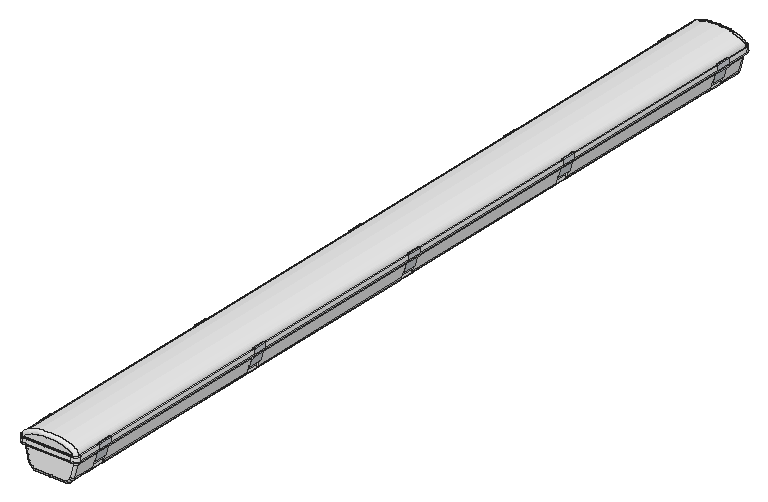
Revit family "0048809 Sylvania Lighting Fixture HYDROPROOF LED G3 1500MM T 4K D E3 MW", category Lighting Fixtures, host Face, Revit 2016
Family settings
  Host = Face
  Part Type = Normal
  Round Connector Dimension = Use Diameter
  OmniClass Number = 23.80.70.11.14
  OmniClass Title = General Luminaries, Directional
  Cut with Voids When Loaded = No
  Light Source = Yes
  Shared = No
  Room Calculation Point = No
Parameters (values of type "0048809 HYDROPROOF LED G3 1500MM T 4K D E3 MW")
  Width = 110 mm
  Weight = "3.05 kg"
  Wattage Comments = "n/a"
  Wattage = 50 W
  WarrantyStartDate [instance] = "n/a"
  WarrantyGuarantorParts = "n/a"
  WarrantyDurationUnit = "n/a"
  WarrantyDurationParts = "n/a"
  WarrantyDescription = "n/a"
  built-in parameter 1150110 = 1 (stored number, unit not read)
  Voltage = 230 V
  URL = "http://www.sylvania-lighting.com"
  TypeName = "HYDROPROOF LED G3 1500MM T 4K D E3 MW"
  Type Image = <None>
  Type Comments = "n/a"
  built-in parameter 1114217 = 1 (stored number, unit not read)
  Tilt Angle = -90.00°
  built-in parameter 1150109 = 1 (stored number, unit not read)
  built-in parameter 1150134 = 12
  built-in parameter 1150113 = 1 (stored number, unit not read)
  SerialNumber [instance] = "n/a"
  ReflectorMaterial = none
  PowerFactor = 0
  PowerConsumption = "50 W"
  Photometric Web File = "0048809.ies"
  NominalWidth = 0 mm
  NominalLength = 1578 mm
  NominalHeight = 78 mm
  Name = "HYDROPROOF LED G3 1500MM T 4K D E3 MW"
  ModelReference = "HYDROPROOF LED G3 1500MM T 4K D E3 MW"
  ModelNumber = "0048809"
  Model = "HYDROPROOF LED G3 1500MM T 4K D E3 MW"
  Material = "grp housing, pmma diffuser"
  ManufacturerName = "Feilo Sylvania"
  Manufacturer = "Feilo Sylvania"
  LuminousEfficacy = "135 lm/W"
  built-in parameter 1150105 = 537.15 (stored number, unit not read)
  Lumens = 6750 lm
  LuminaireType = ""
  built-in parameter 1150115 = 1 (stored number, unit not read)
  LightOutputRatio = "n/a"
  built-in parameter 1150137 = (empty or 0)
  built-in parameter 1150139 = (empty or 0)
  Length = 1572 mm
  LampsType = Lamp  # "LED"
  LampNominalLuminous = "6850 lm"
  LampMacAdamStep = "3"
  LampColourTemperature = "4000 K"
  LampColourRenderingIndex = "80"
  built-in parameter 1150112 = 1 (stored number, unit not read)
  built-in parameter 1150114 = 1 (stored number, unit not read)
  Lamp = "LED"
  Keynote = "16500"
  InstallationDate [instance] = "n/a"
  InputVoltage = "220-240V~"
  InputNominalFrequency = "50/60 Hz"
  built-in parameter 1150132 = (empty or 0)
  built-in parameter 1150102 = (empty or 0)
  built-in parameter 1150107 = 4000 (stored number, unit not read)
  built-in parameter 1150138 = (empty or 0)
  IngressProtection = "IP65"
  ImpactProtectionIndex = "IK02"
  built-in parameter 1150106 = 5.3715 (stored number, unit not read)
  IfcExportType = "IfcLightFixtureType"
  IfcExportAs = "IfcLightFixtureType"
  ExpectedLife = 50000
  Emit from Rectangle Width = Width - 20 mm  # 90 mm
  Emit from Rectangle Length = Length - 20 mm  # 1552 mm
  Emit Shape Visible in Rendering = no
  ElectricShockClassification = "Class I"
  built-in parameter 1150104 = 12.542 (stored number, unit not read)
  DurationUnit = "hours"
  DocumentationLiterature = "http://www.sylvania-lighting.com/product/en-int/products/0048809"
  DimmingControlOptions = "Dimmable"
  Dimming Lamp Color Temperature Shift = <None>
  DiffuserMaterial = Diffuser-Sylvania-Transparent
  Description = "Hydroproof, integrated LED chemical resistant weatherproof luminaire, with UV stabilized flat diffuser and linear prisms designed to achieve uniform lit appearance, optimise light output and to reduce glare, stainless steel diffuser clips and fixing brackets for surface and wall mounting. L 1578 mm x W 110 mm x H 78 mm size, GRP housing, PMMA diffuser, DALI dimmable, with MW sensor, 3 hour emergency, 4000K, CRI80,  6850 lm, 50 W, 135 lm/W, nominal average life (h):50000, energy class: A++ A+ A Class I,IK02, IP65."
  Default Elevation = 1219.2 mm
  CreatedOn = "3/27/2018"
  CreatedBy = "aron.fodor@feilosylvania.com"
  Cost = 0
  Color Filter = 16777215
  built-in parameter 1114216 [instance] = (empty or 0)
  ClassificationValue = "EF_70_80"
  ClassificationName = "Uniclass2015"
  BodyMaterial = Body-Sylvania-Gray
  BarCode [instance] = "n/a"
  built-in parameter 1114218 = 1 (stored number, unit not read)
  built-in parameter 1150133 = 10 (stored number, unit not read)
  AssetType = "Fixed"
  AssetIdentifier [instance] = "n/a"
  Assembly Code = "D5020200"
  Apparent Load = 50 VA
  AccessoryMaterial = Diffuser-Sylvania-Glow
Types (2, lengths in mm): name | Wattage | PowerConsumption | Photometric Web File | built-in parameter 1150105 | Lumens | LampNominalLuminous | built-in parameter 1150106 | Apparent Load
  0048809 HYDROPROOF LED G3 1500MM T 4K D E3 MW | 50 W | "50 W" | "0048809.ies" | 537.15 (stored number, unit not read) | 6750 lm | "6850 lm" | 5.3715 (stored number, unit not read) | 50 VA
  0048809 HYDROPROOF LED G3 1500MM T 4K D E3 MW Emergency mode | 1.7037 W | "1.70 W" | "0048809EM.ies" | 18.303 (stored number, unit not read) | 230 lm | "230 lm" | 0.18303 (stored number, unit not read) | 1.7037 VA
Reference planes
  plane 1 "Center (Front/Back)": y = 0
  plane 2: z = 0
  plane 3 "Center (Left/Right)": x = 0
  plane 4: z = 54
  plane 5: x = -27.7
  plane 6: x = -34.8
  plane 7: x = -39.6
  plane 8: x = -42.2
  plane 9: z = 3
  plane 10: z = 7.8
  plane 11: z = 12.3
  plane 12: z = 36.6
  plane 13: z = 42.8
  plane 14: x = -51.1
  plane 15: z = 46.2
  plane 16: x = -55
  plane 17: y = 786
  plane 18: y = -786
  plane 19: x = 27.7
  plane 20: x = 34.8
  plane 21: x = 39.6
  plane 22: x = 42.2
  plane 23: x = 51.1
  plane 24: x = 55
  plane 25: y = 778.4
  plane 26: y = -778.4
  plane 27: y = -774.7
  plane 28: y = 774.7
  plane 29: z = 74
  plane 30: x = -51.5
  plane 31: x = 51.5
  plane 32: z = 55.2
  plane 33: y = -782.5
  plane 34: y = 782.5
  plane 35: x = -37.5
  plane 36: x = 37.5
  plane 37: x = -48.7
  plane 38: x = 48.7
  plane 39: x = 18
  plane 40: x = -18
  plane 41: z = 50.2
  plane 42: z = 24.6
  plane 43: y = 720
  plane 44: y = 706
  plane 45: y = 734
  plane 46: y = -720
  plane 47: y = 720
  plane 48: y = 706
  plane 49: y = 734
  plane 50: y = -720
  plane 51: y = -734
  plane 52: y = -706
  plane 53: y = 360
  plane 54: y = 346
  plane 55: y = 374
  plane 56: y = 0
  plane 57: y = -14
  plane 58: y = 14
  plane 59: y = -360
  plane 60: y = -374
  plane 61: y = -346
Forms (mm)
  Sweep 1, solid, material "Body-Sylvania-Gray" <- "BodyMaterial", detail levels medium+fine
    path origin (1223.4, -4572, 54) x (0, -1, 0) y (1, 0, 0)
      loop
        arc (-3796, -1278.4) -> (-3788.929, -1275.471) -> (-3786, -1268.4) r 10
        line (-3786, -1268.4) -> (-3786, -1178.4)
        arc (-3786, -1178.4) -> (-3788.929, -1171.329) -> (-3796, -1168.4) r 10
        line (-3796, -1168.4) -> (-5348, -1168.4)
        arc (-5348, -1168.4) -> (-5355.071, -1171.329) -> (-5358, -1178.4) r 10
        line (-5358, -1178.4) -> (-5358, -1268.4)
        arc (-5358, -1268.4) -> (-5355.071, -1275.471) -> (-5348, -1278.4) r 10
        line (-5348, -1278.4) -> (-3796, -1278.4)
    profile origin (-55, 0, 54) x (-1, 0, 0) y (0, 0, 1)
      loop
        line (0, 0) -> (-1, 0) -> (-1, -7.726)
        arc (-1, -7.726) -> (-1.994, -9.498) -> (-3.9, -10.2) r 2.937
        line (-3.9, -10.2) -> (-8.571, -10.2) -> (-8.571, -11.2) -> (-3.9, -11.2)
        arc (-3.9, -11.2) -> (-1.313, -10.231) -> (0, -7.8) r 3.937
        line (0, -7.8) -> (0, 0)
  Sweep 2, solid, material "Body-Sylvania-Gray" <- "BodyMaterial", detail levels medium+fine
    path origin (0, 0, 0) x (1, 0, 0) y (0, 0, 1)
      loop
        line (48.7, 42.8) -> (48.7, 36.6) -> (42.203, 12.31)
        arc (42.203, 12.31) -> (41.199, 9.884) -> (39.6, 7.8) r 10.052
        line (39.6, 7.8) -> (34.8, 3)
        arc (34.8, 3) -> (31.554, 0.781) -> (27.7, 0) r 9.902
        line (27.7, 0) -> (0, 0) -> (-27.7, 0)
        arc (-27.7, 0) -> (-31.554, 0.781) -> (-34.8, 3) r 9.902
        line (-34.8, 3) -> (-39.6, 7.8)
        arc (-39.6, 7.8) -> (-41.199, 9.884) -> (-42.203, 12.31) r 10.052
        line (-42.203, 12.31) -> (-48.7, 36.6) -> (-48.7, 42.8)
    profile origin (0, 0, 0) x (0, 0, -1) y (0, -1, 0)
      loop
        arc (0, 773.4) -> (-1.464, 776.936) -> (-5, 778.4) r 5
        line (-5, 778.4) -> (-7.8, 778.4) -> (-7.8, -778.4) -> (-5, -778.4)
        arc (-5, -778.4) -> (-1.464, -776.936) -> (0, -773.4) r 5
        line (0, -773.4) -> (0, 773.4)
  Extrusion 3, solid, material "Body-Sylvania-Gray" <- "BodyMaterial", detail levels medium+fine
    sketch origin (1524, 778.4, 1219.2) x (1, 0, 0) y (0, 0, 1)
      loop
        arc (-1558.668, -1204.874) -> (-1558.443, -1205.418) -> (-1558.085, -1205.885) r 2.252
        line (-1558.085, -1205.885) -> (-1553.231, -1210.738)
        arc (-1553.231, -1210.738) -> (-1552.534, -1211.227) -> (-1551.7, -1211.4) r 2.102
        line (-1551.7, -1211.4) -> (-1496.3, -1211.4)
        arc (-1496.3, -1211.4) -> (-1495.466, -1211.227) -> (-1494.769, -1210.738) r 2.102
        line (-1494.769, -1210.738) -> (-1489.915, -1205.885)
        arc (-1489.915, -1205.885) -> (-1489.557, -1205.418) -> (-1489.332, -1204.874) r 2.252
        line (-1489.332, -1204.874) -> (-1483.1, -1181.575) -> (-1483.1, -1176.4) -> (-1564.9, -1176.4) -> (-1564.9, -1181.575) -> (-1558.668, -1204.874)
    from 0 to 1556.8
  Sweep 4, solid, material "Diffuser-Sylvania-Transparent" <- "DiffuserMaterial", detail levels medium+fine
    path origin (0, 0, 0) x (1, 0, 0) y (0, 0, 1)
      loop
        spline (-51.5, 55.2) -> (-49.745, 60.066) -> (-44.6, 64.6) -> (-36.416, 68.494) -> (-25.75, 71.481) -> (-13.329, 73.359) -> (0, 74) -> (13.329, 73.359) -> (25.75, 71.481) -> (36.416, 68.494) -> (44.6, 64.6) -> (49.745, 60.066) -> (51.5, 55.2)
    profile origin (51.5, 0, 55.2) x (0, -1, 0) y (1, 0, 0)
      loop
        arc (782.5, -5.5) -> (780.889, -1.611) -> (777, 0) r 5.5
        line (777, 0) -> (-777, 0)
        arc (-777, 0) -> (-780.889, -1.611) -> (-782.5, -5.5) r 5.5
        line (-782.5, -5.5) -> (-782.5, -6.3) -> (-781.5, -6.3) -> (-781.5, -5.5)
        arc (-781.5, -5.5) -> (-780.182, -2.318) -> (-777, -1) r 4.5
        line (-777, -1) -> (777, -1)
        arc (777, -1) -> (780.182, -2.318) -> (781.5, -5.5) r 4.5
        line (781.5, -5.5) -> (781.5, -6.347) -> (782.5, -6.347) -> (782.5, -5.5)
  Extrusion 5, solid, material "Diffuser-Sylvania-Transparent" <- "DiffuserMaterial", detail levels medium+fine
    sketch origin (1524, -782.5, 1219.2) x (1, 0, 0) y (0, 0, 1)
      loop
        line (-1569.653, -1164) -> (-1478.347, -1164)
        spline (-1478.347, -1164) -> (-1478.969, -1162.594) -> (-1482.527, -1159.545) -> (-1489.588, -1156.201) -> (-1499.458, -1153.445) -> (-1511.242, -1151.663) -> (-1524, -1151.049) -> (-1536.758, -1151.663) -> (-1548.542, -1153.445) -> (-1558.412, -1156.201) -> (-1565.473, -1159.545) -> (-1569.031, -1162.594) -> (-1569.653, -1164)
    from 0 to -1
  Extrusion 6, solid, material "Diffuser-Sylvania-Transparent" <- "DiffuserMaterial", detail levels medium+fine
    sketch origin (1524, 782.5, 1219.2) x (1, 0, 0) y (0, 0, 1)
      loop
        spline (-1478.3, -1164) -> (-1478.931, -1162.565) -> (-1482.502, -1159.505) -> (-1489.572, -1156.155) -> (-1499.446, -1153.394) -> (-1511.236, -1151.614) -> (-1524, -1151.007) -> (-1536.764, -1151.614) -> (-1548.554, -1153.394) -> (-1558.428, -1156.155) -> (-1565.498, -1159.505) -> (-1569.069, -1162.565) -> (-1569.7, -1164)
        line (-1569.7, -1164) -> (-1478.3, -1164)
    from 0 to 1
  Extrusion 7, solid, material "Diffuser-Sylvania-Transparent" <- "DiffuserMaterial", detail levels medium+fine
    sketch origin (1223.4, -4572, 55.2) x (0, -1, 0) y (-1, 0, 0)
      loop
        arc (-5353.5, 1177.4) -> (-5352.182, 1174.218) -> (-5349, 1172.9) r 4.5
        line (-5349, 1172.9) -> (-3795, 1172.9)
        arc (-3795, 1172.9) -> (-3791.818, 1174.218) -> (-3790.5, 1177.4) r 4.5
        line (-3790.5, 1177.4) -> (-3790.5, 1269.4)
        arc (-3790.5, 1269.4) -> (-3791.818, 1272.582) -> (-3795, 1273.9) r 4.5
        line (-3795, 1273.9) -> (-5349, 1273.9)
        arc (-5349, 1273.9) -> (-5352.182, 1272.582) -> (-5353.5, 1269.4) r 4.5
        line (-5353.5, 1269.4) -> (-5353.5, 1177.4)
      loop
        line (-5358, 1268.4) -> (-5358, 1178.4)
        arc (-5358, 1178.4) -> (-5355.071, 1171.329) -> (-5348, 1168.4) r 10
        line (-5348, 1168.4) -> (-3796, 1168.4)
        arc (-3796, 1168.4) -> (-3788.929, 1171.329) -> (-3786, 1178.4) r 10
        line (-3786, 1178.4) -> (-3786, 1268.4)
        arc (-3786, 1268.4) -> (-3788.929, 1275.471) -> (-3796, 1278.4) r 10
        line (-3796, 1278.4) -> (-5348, 1278.4)
        arc (-5348, 1278.4) -> (-5355.071, 1275.471) -> (-5358, 1268.4) r 10
    from 0 to 1.2
  Extrusion 8, solid, material "Diffuser-Sylvania-Glow" <- "AccessoryMaterial", detail levels fine
    sketch origin (0, 0, 0) x (1, 0, 0) y (0, 0, 1)
      loop
        circle (-18, 50.2) r 8
      loop
        circle (18, 50.2) r 8
    from -774.7 to 774.7
  Extrusion 9, void
    sketch origin (0, 720, 2343.807) x (0, 0, -1) y (-1, 0, 0)
      loop
        line (2340.807, -37.5) -> (2331.507, -37.5) -> (2319.207, -42.2) -> (2319.207, -48.7) -> (2340.807, -48.7) -> (2340.807, -37.5)
      loop
        line (2340.807, 37.5) -> (2340.807, 48.7) -> (2319.207, 48.7) -> (2319.207, 42.2) -> (2331.507, 37.5) -> (2340.807, 37.5)
    from -14 to 14
  Extrusion 10, solid, material "Body-Sylvania-Gray" <- "BodyMaterial", detail levels coarse
    sketch origin (0, 0, 0) x (1, 0, 0) y (0, 0, 1)
      loop
        line (55, 42.8) -> (55, 55.2) -> (-55, 55.2) -> (-55, 42.791) -> (-42.2, 0) -> (42.2, 0) -> (55, 42.8)
    from -786 to 786
  Extrusion 11, solid, material "Diffuser-Sylvania-Transparent" <- "DiffuserMaterial", detail levels coarse
    sketch origin (0, 0, 0) x (1, 0, 0) y (0, 0, 1)
      loop
        arc (51.5, 55.2) -> (0, 74) -> (-51.5, 55.2) r 79.939
        line (-51.5, 55.2) -> (51.5, 55.2)
    from 778.4 to -778.4
  Extrusion 12, void, not visible
    sketch origin (0, 720, 2343.807) x (0, 0, -1) y (-1, 0, 0)
      loop
        line (2340.807, -37.5) -> (2331.507, -37.5) -> (2319.207, -42.2) -> (2319.207, -48.7) -> (2340.807, -48.7) -> (2340.807, -37.5)
      loop
        line (2340.807, 37.5) -> (2340.807, 48.7) -> (2319.207, 48.7) -> (2319.207, 42.2) -> (2331.507, 37.5) -> (2340.807, 37.5)
    from -14 to 14
  Extrusion 13, void
    sketch origin (0, -720, 2343.807) x (0, 0, -1) y (-1, 0, 0)
      loop
        line (2340.807, -37.5) -> (2331.507, -37.5) -> (2319.207, -42.2) -> (2319.207, -48.7) -> (2340.807, -48.7) -> (2340.807, -37.5)
      loop
        line (2340.807, 37.5) -> (2340.807, 48.7) -> (2319.207, 48.7) -> (2319.207, 42.2) -> (2331.507, 37.5) -> (2340.807, 37.5)
    from -14 to 14
  Extrusion 14, void
    sketch origin (0, 360, 2343.807) x (0, 0, -1) y (-1, 0, 0)
      loop
        line (2340.807, -37.5) -> (2331.507, -37.5) -> (2319.207, -42.2) -> (2319.207, -48.7) -> (2340.807, -48.7) -> (2340.807, -37.5)
      loop
        line (2340.807, 37.5) -> (2340.807, 48.7) -> (2319.207, 48.7) -> (2319.207, 42.2) -> (2331.507, 37.5) -> (2340.807, 37.5)
    from -14 to 14
  Extrusion 15, void
    sketch origin (0, 0, 2343.807) x (0, 0, -1) y (-1, 0, 0)
      loop
        line (2340.807, -37.5) -> (2331.507, -37.5) -> (2319.207, -42.2) -> (2319.207, -48.7) -> (2340.807, -48.7) -> (2340.807, -37.5)
      loop
        line (2340.807, 37.5) -> (2340.807, 48.7) -> (2319.207, 48.7) -> (2319.207, 42.2) -> (2331.507, 37.5) -> (2340.807, 37.5)
    from -14 to 14
  Extrusion 16, void
    sketch origin (0, -360, 2343.807) x (0, 0, -1) y (-1, 0, 0)
      loop
        line (2340.807, -37.5) -> (2331.507, -37.5) -> (2319.207, -42.2) -> (2319.207, -48.7) -> (2340.807, -48.7) -> (2340.807, -37.5)
      loop
        line (2340.807, 37.5) -> (2340.807, 48.7) -> (2319.207, 48.7) -> (2319.207, 42.2) -> (2331.507, 37.5) -> (2340.807, 37.5)
    from -14 to 14
Cuts and joins
  Extrusion 9, Extrusion 13, Extrusion 14, Extrusion 15, Extrusion 16 cuts Sweep 2
  Extrusion 13, Extrusion 14, Extrusion 15, Extrusion 16 cuts Extrusion 3
  joined: Sweep 2, Extrusion 3
  joined: Sweep 4, Extrusion 5, Extrusion 6
Dimensions and locks
  locked: plane 4 to plane 2 at 54
  plane 5 to plane 6 to plane 7 to plane 8 to plane 14 to plane 16 = 7.1 mm locked, 4.8 mm locked, 2.6 mm locked, 8.9 mm, 3.9 mm
  plane 4 to plane 15 to plane 13 to plane 12 to plane 11 to plane 10 to plane 9 = 7.8 mm locked, 3.4 mm, 6.2 mm locked, 24.3 mm locked, 4.5 mm locked, 4.8 mm locked
  equal spacing: plane 18, plane 1 "Center (Front/Back)", plane 17
  "Length": plane 18 to plane 17
  plane 19 to plane 20 to plane 21 to plane 22 to plane 23 to plane 24 = 7.1 mm locked, 4.8 mm locked, 2.6 mm locked, 8.9 mm, 3.9 mm
  equal spacing: plane 24, plane 3 "Center (Left/Right)", plane 16
  "Width": plane 24 to plane 16
  equal spacing: plane 27, plane 1 "Center (Front/Back)", plane 28
  locked: plane 26 to plane 27 at 3.7
  locked: Sweep 1 sketch curve to profile plane at 1
  locked: Sweep 1 sketch curve to plane 13 at 1
  locked: Sweep 1 sketch curve to plane 13 at 3.937  (x2)
  locked: Sweep 1 sketch curve to profile plane at 3.9  (x2)
  locked: plane 29 to plane 4 at 20
  equal spacing: plane 31, plane 3 "Center (Left/Right)", plane 30
  locked: plane 30 to plane 16 at 3.5
  locked: plane 32 to plane 4 at 1.2
  equal spacing: plane 33, plane 1 "Center (Front/Back)", plane 34
  equal spacing: plane 36, plane 3 "Center (Left/Right)", plane 35
  locked: plane 3 "Center (Left/Right)" to plane 35 at 37.5
  locked: plane 34 to plane 17 at 3.5
  equal spacing: plane 38, plane 3 "Center (Left/Right)", plane 37
  locked: plane 37 to plane 16 at 6.3
  equal spacing: plane 25, plane 1 "Center (Front/Back)", plane 26
  locked: plane 17 to plane 25 at 7.6
  locked: Sweep 2 sketch curve to plane 2 at 5  (x2)
  locked: Sweep 2 sketch curve to plane 26 at 5
  locked: plane 25 to Sweep 2 sketch curve at 5
  locked: Sweep 4 sketch curve to plane 31 at 5.5  (x2)
  locked: Sweep 4 sketch curve to plane 34 at 5.5
  plane 33 to Sweep 4 sketch curve = 5.5 mm
  locked: plane 34 to Sweep 4 sketch curve at 1
  locked: Sweep 4 sketch curve to plane 31 at 1
  locked: Sweep 4 sketch curve to Sweep 4 sketch curve at 1
  locked: Sweep 4 sketch curve to plane 31 at 6.347
  locked: Sweep 4 sketch curve to plane 31 at 6.3
  equal spacing: plane 39, plane 3 "Center (Left/Right)", plane 40
  locked: plane 3 "Center (Left/Right)" to plane 40 at 18
  locked: plane 42 to plane 2 at 24.6
  plane 45 to plane 43 to plane 44 = 14 mm locked, 14 mm locked
  locked: plane 17 to plane 43 at 66
  equal spacing: plane 43, plane 1 "Center (Front/Back)", plane 46
  plane 49 to plane 47 to plane 48 = 14 mm locked, 14 mm locked
  plane 52 to plane 50 to plane 51 = 14 mm locked, 14 mm locked  (x2)
  equal spacing: group 1, group 6, group 7, group 8, group 5  (x2)
  equal spacing: group 5, group 8, group 7, group 6, group 1
  plane 55 to plane 53 to plane 54 = 14 mm locked, 14 mm locked  (x2)
  plane 58 to plane 56 to plane 57 = 14 mm locked, 14 mm locked  (x2)
  plane 61 to plane 59 to plane 60 = 14 mm locked, 14 mm locked  (x2)
  plane 43 to plane 53 to plane 1 "Center (Front/Back)" to plane 59 to plane 50 = 360 mm locked, 360 mm locked, 360 mm locked, 360 mm locked
  aligned and locked: plane 2 to host face
  aligned and locked: level to host face
  aligned and locked: plane 16 to Sweep 1 sketch curve
  aligned and locked: Sweep 1 sketch curve to plane 24
  aligned and locked: plane 18 to Sweep 1 sketch curve
  aligned and locked: Sweep 1 sketch curve to plane 13
  aligned and locked: profile plane to Sweep 1 sketch curve
  aligned and locked: plane 3 "Center (Left/Right)" to Sweep 2 sketch curve
  aligned and locked: plane 9 to Sweep 2 sketch curve
  aligned and locked: plane 10 to Sweep 2 sketch curve
  aligned and locked: plane 37 to Sweep 2 sketch curve
  aligned and locked: plane 12 to Sweep 2 sketch curve
  aligned and locked: Sweep 2 sketch curve to level
  aligned and locked: plane 21 to Sweep 2 sketch curve
  aligned and locked: plane 38 to Sweep 2 sketch curve
  aligned and locked: profile plane to Sweep 2 sketch curve
  aligned and locked: plane 25 to Sweep 2 sketch curve
  aligned and locked: Sweep 2 sketch curve to plane 10
  aligned and locked: Extrusion 3 sketch curve to Sweep 2  (x7)
  aligned and locked: Sweep 2 to Extrusion 3 sketch curve
  aligned and locked: Extrusion 3 to plane 25
  aligned and locked: plane 26 to Extrusion 3
  aligned and locked: plane 32 to Sweep 4 sketch curve
  aligned and locked: plane 33 to Sweep 4 sketch curve
  aligned and locked: Sweep 4 to Extrusion 5
  aligned and locked: plane 33 to Extrusion 5
  aligned and locked: Extrusion 5 sketch curve to Sweep 4
  aligned and locked: cut or joined group of Sweep 4, Extrusion 5, Extrusion 6 to Extrusion 6 sketch curve
  aligned and locked: Extrusion 7 sketch curve to cut or joined group of Sweep 4, Extrusion 5, Extrusion 6  (x2)
  aligned and locked: cut or joined group of Sweep 4, Extrusion 5, Extrusion 6 to Extrusion 7 sketch curve  (x2)
  aligned and locked: plane 41 to Extrusion 8 sketch curve  (x2)
  aligned and locked: plane 39 to Extrusion 8 sketch curve
  aligned and locked: plane 27 to Extrusion 8
  aligned and locked: Extrusion 8 to plane 28
  aligned and locked: Extrusion 9 to plane 42
  aligned and locked: plane 9 to Extrusion 9
  aligned and locked: plane 44 to Extrusion 9
  aligned and locked: Extrusion 9 to plane 45
  aligned and locked: Extrusion 7 sketch curve to Sweep 1  (x4)
  aligned and locked: plane 4 to Extrusion 7
  aligned and locked: Extrusion 7 to plane 32
  aligned and locked: nested 2 to plane 43
  aligned and locked: plane 43 to nested 1
  aligned and locked: Extrusion 10 sketch curve to plane 24
  aligned and locked: Extrusion 10 sketch curve to Extrusion 7
  aligned and locked: plane 8 to Extrusion 10 sketch curve
  aligned and locked: plane 22 to Extrusion 10 sketch curve
  aligned and locked: level to Extrusion 10 sketch curve
  aligned and locked: Extrusion 10 to plane 17
  aligned and locked: plane 18 to Extrusion 10
  aligned and locked: cut or joined group of Sweep 4, Extrusion 5, Extrusion 6 to Extrusion 11 sketch curve
  aligned and locked: Extrusion 11 sketch curve to cut or joined group of Sweep 4, Extrusion 5, Extrusion 6  (x2)
  aligned and locked: plane 31 to Extrusion 11 sketch curve
  aligned and locked: plane 30 to Extrusion 11 sketch curve
  aligned and locked: plane 26 to Extrusion 11
  aligned and locked: Extrusion 11 to plane 25
  aligned and locked: imposter light to plane 29
  aligned and locked: plane 3 "Center (Left/Right)" to imposter light
  aligned and locked: plane 1 "Center (Front/Back)" to imposter light
  aligned and locked: plane 51 to Extrusion 13
  aligned and locked: Extrusion 13 to plane 52
  aligned and locked: plane 54 to Extrusion 14
  aligned and locked: Extrusion 14 to plane 55
  aligned and locked: plane 57 to Extrusion 15
  aligned and locked: Extrusion 15 to plane 58
  aligned and locked: plane 60 to Extrusion 16
  aligned and locked: Extrusion 16 to plane 61
  aligned and locked: nested 3 to plane 53
  aligned and locked: plane 53 to nested 10
  aligned and locked: nested 4 to plane 56
  aligned and locked: plane 56 to nested 9
  aligned and locked: nested 5 to plane 59
  aligned and locked: plane 59 to nested 8
  aligned and locked: nested 6 to plane 50
  aligned and locked: plane 50 to nested 7
Automatic sketch dimensions
  host sketch curve to host sketch curve = 2438.4 mm  (x2)
  plane 17 to Sweep 1 sketch curve = 0 mm
  Sweep 1 sketch curve to plane 28 = 1.3 mm
  Sweep 1 sketch curve to plane 7 = 5.4 mm
  plane 27 to Sweep 1 sketch curve = 1.3 mm  (x2)
  Sweep 1 sketch curve to Sweep 1 sketch curve = 4.671 mm
  Sweep 1 sketch curve to plane 4 = 0 mm
  Sweep 2 sketch curve to plane 7 = 0 mm
  Sweep 2 sketch curve to plane 6 = 0 mm
  Sweep 2 sketch curve to plane 5 = 0 mm
  plane 19 to Sweep 2 sketch curve = 0 mm
  Sweep 2 sketch curve to plane 9 = 0 mm
  plane 20 to Sweep 2 sketch curve = 0 mm
  Sweep 2 sketch curve to plane 12 = 0 mm
  Sweep 2 sketch curve to plane 10 = 0 mm
  Sweep 2 sketch curve to plane 13 = 0 mm  (x2)
  Sweep 2 sketch curve to plane 8 = 0.003 mm
  plane 6 to Sweep 2 sketch curve = 2.308 mm
  plane 20 to Sweep 2 sketch curve = 2.308 mm
  Sweep 2 sketch curve to plane 22 = 0.003 mm
  Sweep 2 sketch curve to plane 11 = 0.01 mm  (x2)
  Extrusion 3 sketch curve to plane 5 = 0 mm
  plane 19 to Extrusion 3 sketch curve = 0 mm
  plane 6 to Extrusion 3 sketch curve = 0.132 mm
  plane 6 to Extrusion 3 sketch curve = 0.715 mm
  Extrusion 3 sketch curve to Extrusion 3 sketch curve = 1.592 mm
  Extrusion 3 sketch curve to plane 10 = 0.662 mm  (x2)
  plane 20 to Extrusion 3 sketch curve = 2.308 mm
  plane 20 to Extrusion 3 sketch curve = 0.715 mm
  plane 20 to Extrusion 3 sketch curve = 0.132 mm
  Sweep 4 sketch curve to plane 30 = 0 mm
  Sweep 4 sketch curve to plane 3 "Center (Left/Right)" = 0 mm
  Sweep 4 sketch curve to Sweep 4 sketch curve = 0 mm  (x2)
  plane 37 to Extrusion 5 sketch curve = 3.047 mm
  Extrusion 5 sketch curve to plane 38 = 3.047 mm
  plane 37 to Extrusion 6 sketch curve = 3 mm
  Extrusion 6 sketch curve to plane 38 = 3 mm
  plane 25 to Extrusion 7 sketch curve = 1.4 mm  (x2)
  Extrusion 7 sketch curve to plane 26 = 1.4 mm  (x2)
  Extrusion 8 sketch curve to plane 40 = 0 mm
  Extrusion 9 sketch curve to Extrusion 9 sketch curve = 0 mm
  Extrusion 9 sketch curve to Extrusion 9 sketch curve = 12.3 mm  (x2)
  Extrusion 9 sketch curve to Extrusion 9 sketch curve = 9.3 mm  (x2)
  Extrusion 9 sketch curve to Extrusion 9 sketch curve = 6.5 mm
  Extrusion 9 sketch curve to Extrusion 9 sketch curve = 4.7 mm  (x2)
  Extrusion 9 sketch curve to Extrusion 9 sketch curve = 75 mm
  Extrusion 9 sketch curve to Extrusion 9 sketch curve = 11.2 mm
  Extrusion 10 sketch curve to plane 13 = 0 mm
  plane 13 to Extrusion 10 sketch curve = 0.009 mm
  Extrusion 11 sketch curve to level = 5.939 mm
  Extrusion 10 sketch curve to plane 16 = 0 mm
  Extrusion 12 sketch curve to Extrusion 12 sketch curve = 0 mm
  Extrusion 12 sketch curve to Extrusion 12 sketch curve = 12.3 mm  (x2)
  Extrusion 12 sketch curve to Extrusion 12 sketch curve = 9.3 mm  (x2)
  Extrusion 12 sketch curve to Extrusion 12 sketch curve = 6.5 mm
  Extrusion 12 sketch curve to Extrusion 12 sketch curve = 4.7 mm  (x2)
  Extrusion 12 sketch curve to Extrusion 12 sketch curve = 75 mm
  Extrusion 12 sketch curve to Extrusion 12 sketch curve = 11.2 mm
  Extrusion 13 sketch curve to Extrusion 13 sketch curve = 0 mm
  Extrusion 13 sketch curve to Extrusion 13 sketch curve = 12.3 mm  (x2)
  Extrusion 13 sketch curve to Extrusion 13 sketch curve = 9.3 mm  (x2)
  Extrusion 13 sketch curve to Extrusion 13 sketch curve = 6.5 mm
  Extrusion 13 sketch curve to Extrusion 13 sketch curve = 4.7 mm  (x2)
  Extrusion 13 sketch curve to Extrusion 13 sketch curve = 75 mm
  Extrusion 13 sketch curve to Extrusion 13 sketch curve = 11.2 mm
  Extrusion 14 sketch curve to Extrusion 14 sketch curve = 0 mm
  Extrusion 14 sketch curve to Extrusion 14 sketch curve = 12.3 mm  (x2)
  Extrusion 14 sketch curve to Extrusion 14 sketch curve = 9.3 mm  (x2)
  Extrusion 14 sketch curve to Extrusion 14 sketch curve = 6.5 mm
  Extrusion 14 sketch curve to Extrusion 14 sketch curve = 4.7 mm  (x2)
  Extrusion 14 sketch curve to Extrusion 14 sketch curve = 75 mm
  Extrusion 14 sketch curve to Extrusion 14 sketch curve = 11.2 mm
  Extrusion 15 sketch curve to Extrusion 15 sketch curve = 0 mm
  Extrusion 15 sketch curve to Extrusion 15 sketch curve = 12.3 mm  (x2)
  Extrusion 15 sketch curve to Extrusion 15 sketch curve = 9.3 mm  (x2)
  Extrusion 15 sketch curve to Extrusion 15 sketch curve = 6.5 mm
  Extrusion 15 sketch curve to Extrusion 15 sketch curve = 4.7 mm  (x2)
  Extrusion 15 sketch curve to Extrusion 15 sketch curve = 75 mm
  Extrusion 15 sketch curve to Extrusion 15 sketch curve = 11.2 mm
  Extrusion 16 sketch curve to Extrusion 16 sketch curve = 0 mm
  Extrusion 16 sketch curve to Extrusion 16 sketch curve = 12.3 mm  (x2)
  Extrusion 16 sketch curve to Extrusion 16 sketch curve = 9.3 mm  (x2)
  Extrusion 16 sketch curve to Extrusion 16 sketch curve = 6.5 mm
  Extrusion 16 sketch curve to Extrusion 16 sketch curve = 4.7 mm  (x2)
  Extrusion 16 sketch curve to Extrusion 16 sketch curve = 75 mm
  Extrusion 16 sketch curve to Extrusion 16 sketch curve = 11.2 mm
  radius of Extrusion 8 sketch curve = 8 mm  (x2)
Nested families
  nested 1: "Clip" at (42.2, 720, 24.6), type "Clip", detail levels fine
  nested 2: "Clip" at (-42.2, 720, 24.6) x (-1, 0, 0) z (0, 0, 1), type "Clip", detail levels fine
  nested 3: "Clip" at (-42.2, 360, 24.6) x (-1, 0, 0) z (0, 0, 1), type "Clip", detail levels fine
  nested 4: "Clip" at (-42.2, 0, 24.6) x (-1, 0, 0) z (0, 0, 1), type "Clip", detail levels fine
  nested 5: "Clip" at (-42.2, -360, 24.6) x (-1, 0, 0) z (0, 0, 1), type "Clip", detail levels fine
  nested 6: "Clip" at (-42.2, -720, 24.6) x (-1, 0, 0) z (0, 0, 1), type "Clip", detail levels fine
  nested 7: "Clip" at (42.2, -720, 24.6), type "Clip", detail levels fine
  nested 8: "Clip" at (42.2, -360, 24.6), type "Clip", detail levels fine
  nested 9: "Clip" at (42.2, 0, 24.6), type "Clip", detail levels fine
  nested 10: "Clip" at (42.2, 360, 24.6), type "Clip", detail levels fine
Connectors
  electrical at (0, 0, 0), driven by "Apparent Load"
    settings: index 1, voltage 230 V, apparent load 50 VA, apparent load phase1 0 VA, apparent load phase2 0 VA, apparent load phase3 0 VA, power factor 0, load classification "Lighting", number of poles 1, system type 30, power factor state 1, is connector primary yes, connector utility no, sub classification motor no, connector description ""
Definition of nested family "Clip"
  Parameters (values of type "Clip")
    URL = "http://www.feilosylvania.com"
    Type Comments = "n/a"
    Model = "n/a"
    Manufacturer = "Feilo Sylvania"
    Keynote = "n/a"
    Description = "n/a"
    Default Elevation = 1219.2 mm
    Cost = 0
    BodyMaterial = none
    Assembly Code = "n/a"
  Reference planes
    plane 1 "Center (Front/Back)": y = 0
    plane 2: z = 0
    plane 3 "Center (Left/Right)": x = 0
    plane 4: x = 3.3
    plane 5: x = 6.5
    plane 6: x = 8.9
    plane 7: x = 12.8
    plane 8: z = 12
    plane 9: z = 18.2
    plane 10: z = 21.6
    plane 11: z = 30.6
    plane 12: x = 9.3
    plane 13: z = 19.2
    plane 14: z = 16.2
    plane 15: x = 10.1
    plane 16: y = 12
    plane 17: y = -12
  Forms (mm)
    Extrusion 1, solid
      sketch origin (-0.8, 0, 0) x (1, 0, 0) y (0, 1, 0)
        loop
          line (-1219.2, 1219.2) -> (-1219.2, -1219.2) -> (1219.2, -1219.2) -> (1219.2, 1219.2) -> (-1219.2, 1219.2)
      from 0 to -304.8
    Extrusion 2, solid
      sketch origin (0, 0, 0) x (1, 0, 0) y (0, 0, 1)
        loop
          line (8.9, 16.2) -> (4.58, 0) -> (0, 0) -> (0, -0.8) -> (5.195, -0.8) -> (9.603, 15.731) -> (13.6, 18.806) -> (13.6, 30.6)
          arc (13.6, 30.6) -> (11.45, 32.75) -> (9.3, 30.6) r 2.15
          line (9.3, 30.6) -> (10.1, 30.6)
          arc (10.1, 30.6) -> (11.45, 31.95) -> (12.8, 30.6) r 1.35
          line (12.8, 30.6) -> (12.8, 19.2) -> (8.9, 16.2)
      from -12 to 12
  Lines and regions (mm)
    reference lines
      curve 1: line (3.3, 0, 0) -> (6.5, 0, 12)
      curve 2: arc (8.9, 0, 18.2) -> (11.488, 0, 19.169) -> (12.8, 0, 21.6) r 3.934
  Dimensions and locks
    plane 7 to plane 6 to plane 5 to plane 4 to plane 3 "Center (Left/Right)" = 3.9 mm locked, 2.4 mm locked, 3.2 mm locked, 3.3 mm locked
    plane 11 to plane 10 to plane 9 to plane 8 to plane 2 = 9 mm locked, 3.4 mm locked, 6.2 mm locked, 12 mm locked
    locked: plane 7 to plane 12 at 3.5
    locked: plane 13 to plane 9 at 1
    locked: plane 9 to plane 14 at 2
    locked: plane 15 to plane 12 at 0.8
    locked: plane 2 to Extrusion 2 sketch curve at 0.8
    locked: Extrusion 2 sketch curve to Extrusion 2 sketch curve at 0.8  (x3)
    locked: plane 7 to Extrusion 2 sketch curve at 1.35
    equal spacing: plane 17, plane 1 "Center (Front/Back)", plane 16
    locked: plane 1 "Center (Front/Back)" to plane 16 at 12
    aligned and locked: plane 2 to Extrusion 1
    aligned and locked: level to Extrusion 1
    aligned and locked: plane 4 to curve 1
    aligned and locked: plane 5 to curve 1
    aligned and locked: plane 6 to curve 2
    aligned and locked: plane 10 to curve 2
    aligned and locked: plane 14 to Extrusion 2 sketch curve
    aligned and locked: plane 13 to Extrusion 2 sketch curve
    aligned and locked: plane 7 to Extrusion 2 sketch curve
    aligned and locked: plane 3 "Center (Left/Right)" to Extrusion 2 sketch curve
    aligned and locked: Extrusion 2 sketch curve to level
    aligned and locked: Extrusion 2 sketch curve to plane 11
    aligned and locked: plane 11 to Extrusion 2 sketch curve
    aligned and locked: Extrusion 2 to plane 16
    aligned and locked: plane 17 to Extrusion 2
  Automatic sketch dimensions
    Extrusion 1 sketch curve to Extrusion 1 sketch curve = 2438.4 mm  (x2)
    curve 2 to plane 7 = 0 mm
    curve 1 to level = 0 mm
    curve 1 to plane 8 = 0 mm
    curve 2 to plane 9 = 0 mm
    plane 6 to curve 2 = 0.002 mm
    Extrusion 2 sketch curve to Extrusion 2 sketch curve = 0 mm
    Extrusion 2 sketch curve to plane 6 = 0 mm
    plane 4 to Extrusion 2 sketch curve = 1.28 mm
